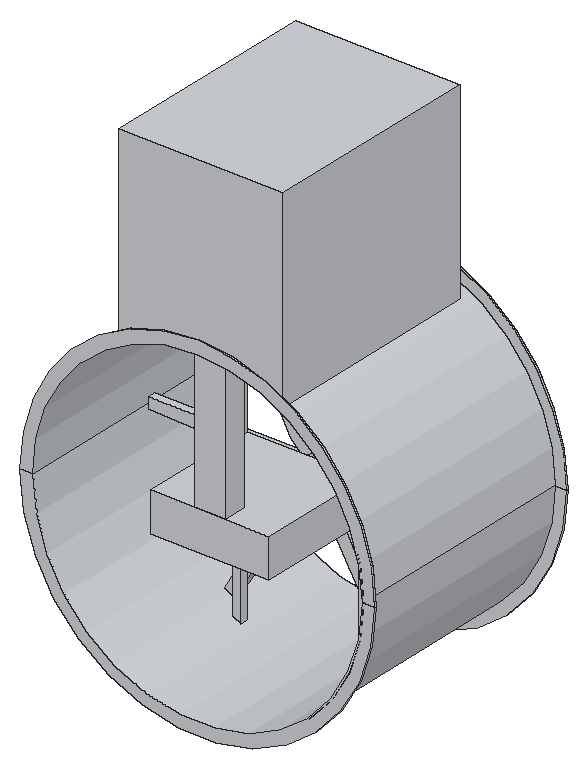
Revit family "TIB", category Mechanical Equipment, Revit 2019
Family settings
  Round Connector Dimension = Use Radius
  Part Type = Normal
  Work Plane-Based = No
  Always vertical = Yes
  Cut with Voids When Loaded = No
  Shared = No
  Room Calculation Point = No
Parameters (values of type "42_TIB")
  Unit Weight [instance] = ""
  Sones [instance] = ""
  Motor RPM [instance] = ""
  Motor Enclosure [instance] = ""
  ModelID [instance] = ""
  LwA [instance] = ""
  J/2 = J / 2  # 0' - 4 7/8"
  J = 0' - 9 3/4"
  H = 1' - 4 5/16"
  G = 0' - 5 1/4"
  Fan RPM [instance] = ""
  F/2 = F / 2  # 0' - 10 9/16"
  F = 1' - 9 1/8"
  E = 2' - 5"
  D = 1' - 10 1/8"
  B/6 = B / 6  # 0' - 7 5/8"
  B/3 = B / 3  # 1' - 3 1/4"
  C/2 = C / 2  # 0' - 0 13/16"
  C = 0' - 1 5/8"
  B/2 = B / 2  # 1' - 10 7/8"
  B = 3' - 9 3/4"
  Accessories [instance] = ""
  A/2 = A / 2  # 1' - 3 1/2"
  A = 2' - 7"
  60 = 30.00°  # constant formula
  3" = 0' - 3"  # constant formula
  Brake Hp [instance] = ""
  4" = 0' - 4"  # constant formula
  2' = 2' - 0"
  2" = 0' - 2"  # constant formula
  160 = 165.00°  # constant formula
  103 = 103.00°  # constant formula
  1" = 0' - 1"  # constant formula
  0 = 0' - 0"  # constant formula
  Voltage [instance] = 0 V
  URL = "www.lorencook.com"
  Type Comments = "Tube Axial Drum Fan Triton Steel Propeller Belt Drive"  # constant formula
  Static Pressure [instance] = 0.00 in-wg
  Power [instance] = Voltage * Motor FLA * sqrt(if(Phase = 3, 3, 1))  # 0 VA
  Phase [instance] = 0
  Number of Poles [instance] = 1
  Motor Hp [instance] = "0"
  Motor FLA [instance] = 0 A
  Model = "TIB"  # constant formula
  Manufacturer = "Loren Cook Company"
  CFM [instance] = 0 CFM
  1.5 = 0' - 1 1/2"  # constant formula
  ONE EIGTH = 0' - 0 1/8"  # constant formula
  -G = -G  # -0' - 5 1/4"
  -E = -E  # -2' - 5"
  -A/2 = -A / 2 - 0' 2"  # -1' - 5 1/2"
  (B/2)-C+.125" = (B / 2) - C + 0' 0 1/8"  # 1' - 9 3/8"
  (B-C)-1" = (B / 2 - C / 2) - 0' 1"  # 1' - 9 1/16"
Types (10): name | F/2 | F | E | D | B/6 | B/3 | C/2 | C | B/2 | B | A/2 | A | -E | -A/2 | (B/2)-C+.125" | (B-C)-1"
  (no name) | 0' - 10 9/16" | 1' - 9 1/8" | 2' - 5" | 1' - 10 1/8" | 0' - 7 5/8" | 1' - 3 1/4" | 0' - 0 13/16" | 0' - 1 5/8" | 1' - 10 7/8" | 3' - 9 3/4" | 1' - 3 1/2" | 2' - 7" | -2' - 5" | -1' - 5 1/2" | 1' - 9 3/8" | 1' - 9 1/16"
  24_TIB | 0' - 8 1/16" | 1' - 4 1/8" | 1' - 8" | 1' - 5 1/8" | 0' - 4.58333" | 0' - 9.16667" | 0' - 0 3/4" | 0' - 1 1/2" | 1' - 1 3/4" | 2' - 3 1/2" | 0' - 10 1/2" | 1' - 9" | -1' - 8" | -1' - 0 1/2" | 1' - 0 3/8" | 1' - 0"
  20_TIB | 0' - 8 1/16" | 1' - 4 1/8" | 1' - 8" | 1' - 5 1/8" | 0' - 3.91667" | 0' - 7.83333" | 0' - 0 3/4" | 0' - 1 1/2" | 0' - 11 3/4" | 1' - 11 1/2" | 0' - 10" | 1' - 8" | -1' - 8" | -1' - 0" | 0' - 10 3/8" | 0' - 10"
  30_TIB | 0' - 9 1/16" | 1' - 6 1/8" | 1' - 10" | 1' - 10 1/8" | 0' - 5.58333" | 0' - 11.16667" | 0' - 0 3/4" | 0' - 1 1/2" | 1' - 4 3/4" | 2' - 9 1/2" | 1' - 0 1/2" | 2' - 1" | -1' - 10" | -1' - 2 1/2" | 1' - 3 3/8" | 1' - 3"
  36_TIB | 0' - 10 9/16" | 1' - 9 1/8" | 2' - 1" | 1' - 10 1/8" | 0' - 6.58333" | 1' - 1.16667" | 0' - 0 3/4" | 0' - 1 1/2" | 1' - 7 3/4" | 3' - 3 1/2" | 1' - 3" | 2' - 6" | -2' - 1" | -1' - 5" | 1' - 6 3/8" | 1' - 6"
  42_TIB | 0' - 10 9/16" | 1' - 9 1/8" | 2' - 5" | 1' - 10 1/8" | 0' - 7 5/8" | 1' - 3 1/4" | 0' - 0 13/16" | 0' - 1 5/8" | 1' - 10 7/8" | 3' - 9 3/4" | 1' - 3 1/2" | 2' - 7" | -2' - 5" | -1' - 5 1/2" | 1' - 9 3/8" | 1' - 9 1/16"
  48_TIB | 0' - 10 9/16" | 1' - 9 1/8" | 2' - 7" | 1' - 10 1/8" | 0' - 8.79167" | 1' - 5.58333" | 0' - 1 1/16" | 0' - 2 1/8" | 2' - 2 3/8" | 4' - 4 3/4" | 1' - 4 1/2" | 2' - 9" | -2' - 7" | -1' - 6 1/2" | 2' - 0 3/8" | 2' - 0 5/16"
  54_TIB | 1' - 0 1/16" | 2' - 0 1/8" | 2' - 11" | 2' - 3" | 0' - 9.79167" | 1' - 7.58333" | 0' - 1 1/16" | 0' - 2 1/8" | 2' - 5 3/8" | 4' - 10 3/4" | 1' - 7" | 3' - 2" | -2' - 11" | -1' - 9" | 2' - 3 3/8" | 2' - 3 5/16"
  60_TIB | 1' - 0 1/16" | 2' - 0 1/8" | 2' - 11" | 2' - 3" | 0' - 10.79167" | 1' - 9.58333" | 0' - 1 1/16" | 0' - 2 1/8" | 2' - 8 3/8" | 5' - 4 3/4" | 1' - 8 1/2" | 3' - 5" | -2' - 11" | -1' - 10 1/2" | 2' - 6 3/8" | 2' - 6 5/16"
  72_TIB | 1' - 0 1/16" | 2' - 0 1/8" | 2' - 11" | 2' - 3" | 1' - 0.79167" | 2' - 1.58333" | 0' - 1 1/16" | 0' - 2 1/8" | 3' - 2 3/8" | 6' - 4 3/4" | 2' - 0" | 4' - 0" | -2' - 11" | -2' - 2" | 3' - 0 3/8" | 3' - 0 5/16"
Reference planes (in)
  plane 1 "Center (Front/Back)": y = 0
  plane 2: z = 0
  plane 3 "Center (Left/Right)": x = 0.40541
Forms (in)
  Revolve 1, solid
    sketch origin (0, 0, 0) x (1, 0, 0) y (0, 1, 0)
      loop
        line (23.28041, 15.5) -> (21.65541, 15.5) -> (21.65541, -15.5) -> (23.28041, -15.5) -> (23.28041, -15.375) -> (21.78041, -15.375) -> (21.78041, 15.375) -> (23.28041, 15.375) -> (23.28041, 15.5)
      axis (0.40541, -15.5) -> (0.40541, 15.5)
    angle from 0 to 360
  Extrusion 2, solid
    sketch origin (0.40541, -15.5, 0) x (0, 0, -1) y (1, 0, 0)
      loop
        arc (-18.5829, -10.5625) -> (-21.375, 0) -> (-18.5829, 10.5625) r 21.375
        line (-18.5829, 10.5625) -> (-43.375, 10.5625) -> (-43.375, -10.5625) -> (-18.5829, -10.5625)
    from -0.5 to -29 <- "-E"
  Extrusion 3, solid
    sketch origin (0.40541, -15.5, 0) x (0, 0, -1) y (1, 0, 0)
      loop
        line (-2, -7.625) -> (3, -7.625) -> (3, 7.625) -> (-2, 7.625) -> (-2, -7.625)
    from -2 to -17.5 <- "-A/2"
  Extrusion 4, solid
    sketch origin (0.40541, -15.5, 0) x (0, 0, -1) y (1, 0, 0)
      loop
        line (-2, -2) -> (-2, 2) -> (-21.25, 2) -> (-21.25, -2) -> (-2, -2)
    from -2.125 to -5
  Extrusion 5, solid
    sketch origin (0.40541, 2, 0) x (0, 0, 1) y (1, 0, 0)
      loop
        arc (-19.55761, 8.625) -> (-19.76949, 8.1276) -> (-19.96873, 7.625) r 21.375
        line (-19.96873, 7.625) -> (19.96873, 7.625)
        arc (19.96873, 7.625) -> (19.76949, 8.1276) -> (19.55761, 8.625) r 21.375
        line (19.55761, 8.625) -> (-19.55761, 8.625)
      loop
        line (-19.55761, -8.625) -> (19.55761, -8.625)
        arc (19.55761, -8.625) -> (19.76949, -8.1276) -> (19.96873, -7.625) r 21.375
        line (19.96873, -7.625) -> (-19.96873, -7.625)
        arc (-19.96873, -7.625) -> (-19.76949, -8.1276) -> (-19.55761, -8.625) r 21.375
    from 0 to -1
  Extrusion 6, solid
    sketch origin (0.40541, 2, 0) x (0, 0, 1) y (1, 0, 0)
      loop
        line (1.73205, 0) -> (0.86603, 1.5) -> (-0.86603, 1.5) -> (-1.73205, 0) -> (-0.86603, -1.5) -> (0.86603, -1.5) -> (1.73205, 0)
    from 1 to 2
  Extrusion 7, solid
    sketch origin (0.40541, 2, 0) x (0, 0, 1) y (1, 0, 0)
      loop
        line (0.86603, -1.5) -> (-0.63397, -1.5) -> (-1.1221, -3.57524) -> (-0.58361, -21.0625) -> (0.86603, -21.0625) -> (0.86603, -1.5)
    from 1 to 2
  Extrusion 8, solid
    sketch origin (0.40541, 2, 0) x (0.866025, 0, 0.5) y (0.5, 0, -0.866025)
      loop
        line (0.86603, -1.5) -> (-0.63397, -1.5) -> (-1.1221, -3.57524) -> (-0.58361, -21.0625) -> (0.86603, -21.0625) -> (0.86603, -1.5)
    from 1 to 2
  Extrusion 9, solid
    sketch origin (0.40541, 2, 0) x (0.866025, 0, -0.5) y (-0.5, 0, -0.866025)
      loop
        line (0.86603, -1.5) -> (-0.63397, -1.5) -> (-1.1221, -2.98033) -> (-2.14872, -21.0625) -> (0.86603, -21.0625) -> (0.86603, -1.5)
    from 1 to 2
  Extrusion 10, solid
    sketch origin (0.40541, 2, 0) x (0, 0, -1) y (-1, 0, 0)
      loop
        line (0.86603, -1.5) -> (-0.63397, -1.5) -> (-1.1221, -3.57524) -> (-0.58361, -21.0625) -> (0.86603, -21.0625) -> (0.86603, -1.5)
    from 1 to 2
  Extrusion 11, solid
    sketch origin (0.40541, 2, 0) x (-0.866025, 0, -0.5) y (-0.5, 0, 0.866025)
      loop
        line (0.86603, -1.5) -> (-0.63397, -1.5) -> (-1.1221, -3.57524) -> (-0.58361, -21.0625) -> (0.86603, -21.0625) -> (0.86603, -1.5)
    from 1 to 2
  Extrusion 12, solid
    sketch origin (0.40541, 2, 0) x (-0.866025, 0, 0.5) y (0.5, 0, 0.866025)
      loop
        line (0.86603, -1.5) -> (-0.63397, -1.5) -> (-1.1221, -3.57524) -> (-0.58361, -21.0625) -> (0.86603, -21.0625) -> (0.86603, -1.5)
    from 1 to 2
Lines and regions (in)
  symbolic lines
    curve 1: line (0.40541, 2, 0) -> (7.76663, 2, 4.25)
    curve 2: line (0.40541, 2, 0) -> (-6.7393, 2, 4.125)
    curve 3: line (-6.54054, 2, -4.01025) -> (0.40541, 2, 0)
    curve 4: line (0.40541, 2, 0) -> (6.6841, 2, -3.625)
Dimensions and locks (in)
  "A/2": Revolve 1 sketch curve to plane 1 "Center (Front/Back)"  (x2)
  "B/2": plane 3 "Center (Left/Right)" to Revolve 1 sketch curve
  "C": Revolve 1 sketch curve to Revolve 1 sketch curve  (x2)
  "ONE EIGTH": Revolve 1 sketch curve to Revolve 1 sketch curve  (x3)
  "0": Revolve 1 sketch curve to plane 3 "Center (Left/Right)"
  "F/2": plane 3 "Center (Left/Right)" to Extrusion 2 sketch curve
  "F/2": Extrusion 2 sketch curve to plane 3 "Center (Left/Right)"
  "2"": Extrusion 3 sketch curve to level
  "3"": level to Extrusion 3 sketch curve
  "B/6": plane 3 "Center (Left/Right)" to Extrusion 3 sketch curve
  "B/6": Extrusion 3 sketch curve to plane 3 "Center (Left/Right)"
  "0": Extrusion 4 sketch curve to Revolve 1
  "0": Extrusion 4 sketch curve to Extrusion 3
  "2"": Extrusion 4 sketch curve to plane 3 "Center (Left/Right)"
  "2"": plane 3 "Center (Left/Right)" to Extrusion 4 sketch curve
  "1"": Extrusion 5 sketch curve to Extrusion 5 sketch curve  (x2)
  "0": Extrusion 5 sketch curve to Extrusion 3
  "0": Extrusion 3 to Extrusion 5 sketch curve
  "0": level to Extrusion 5 sketch curve
  "0": Extrusion 5 sketch curve to plane 3 "Center (Left/Right)"  (x3)
  "0": Extrusion 5 sketch curve to level  (x2)
  "(B-C)-1"": plane 3 "Center (Left/Right)" to Extrusion 7 sketch curve
  "0": Extrusion 7 sketch curve to Extrusion 6  (x2)
  "(B-C)-1"": Extrusion 10 sketch curve to plane 3 "Center (Left/Right)"
  "0": Extrusion 6 to Extrusion 10 sketch curve  (x2)
  "0": level to curve 4
  "0": plane 3 "Center (Left/Right)" to curve 4
  "(B-C)-1"": curve 2 to Extrusion 9 sketch curve
  "(B-C)-1"": Extrusion 8 sketch curve to curve 3
  "(B-C)-1"": Extrusion 11 sketch curve to curve 3
  "(B-C)-1"": Extrusion 12 sketch curve to curve 4
  "0": Extrusion 12 sketch curve to Extrusion 6  (x2)
  "1.5": Extrusion 12 sketch curve to Extrusion 12 sketch curve
  "1.5": Extrusion 7 sketch curve to Extrusion 7 sketch curve
  "1.5": Extrusion 10 sketch curve to Extrusion 10 sketch curve
  "0": Extrusion 11 sketch curve to Extrusion 6
  "1.5": Extrusion 11 sketch curve to Extrusion 11 sketch curve
  "0": Extrusion 9 sketch curve to Extrusion 6  (x2)
  "1.5": Extrusion 9 sketch curve to Extrusion 9 sketch curve
  "0": Extrusion 8 sketch curve to Extrusion 6  (x2)
  "1.5": Extrusion 8 sketch curve to Extrusion 8 sketch curve
  "0": Extrusion 2 sketch curve to level
  "0": Extrusion 2 sketch curve to plane 3 "Center (Left/Right)"
  "D": Extrusion 2 sketch curve to Revolve 1
  "(B/2)-C+.125"": radius of Extrusion 2 sketch curve
  "(B/2)-C+.125"": radius of Extrusion 5 sketch curve  (x4)
  "160": angle Extrusion 7 sketch curve to Extrusion 7 sketch curve
  "160": angle Extrusion 8 sketch curve to Extrusion 8 sketch curve
  "160": angle Extrusion 9 sketch curve to Extrusion 9 sketch curve
  "160": angle Extrusion 10 sketch curve to Extrusion 10 sketch curve
  "160": angle Extrusion 11 sketch curve to Extrusion 11 sketch curve
  "160": angle Extrusion 12 sketch curve to Extrusion 12 sketch curve
  "60": angle curve 1 to level
  "60": angle level to curve 2
  "60": angle curve 3 to level
  "60": angle level to curve 4
Automatic sketch dimensions
  Revolve 1 sketch curve to plane 1 "Center (Front/Back)" = 0' - 0"
  Revolve 1 sketch curve to Revolve 1 sketch curve = 0' - 4 1/2"
  Extrusion 5 sketch curve to Extrusion 5 sketch curve = 0' - 0"  (x2)
  Extrusion 7 sketch curve to Extrusion 7 sketch curve = 0' - 0.48813"
  Extrusion 7 sketch curve to Extrusion 7 sketch curve = 0' - 0.5385"
  Extrusion 8 sketch curve to Extrusion 8 sketch curve = 0' - 0.48813"
  Extrusion 8 sketch curve to Extrusion 8 sketch curve = 0' - 0.5385"
  Extrusion 9 sketch curve to Extrusion 9 sketch curve = 0' - 0.48813"
  Extrusion 10 sketch curve to Extrusion 10 sketch curve = 0' - 0.48813"
  Extrusion 10 sketch curve to Extrusion 10 sketch curve = 0' - 0.5385"
  Extrusion 11 sketch curve to Extrusion 11 sketch curve = 0' - 0.48813"
  Extrusion 11 sketch curve to Extrusion 11 sketch curve = 0' - 0.5385"
  Extrusion 12 sketch curve to Extrusion 12 sketch curve = 0' - 0.48813"
  Extrusion 12 sketch curve to Extrusion 12 sketch curve = 0' - 0.5385"
  plane 3 "Center (Left/Right)" to Extrusion 9 sketch curve = 0' - 0.5184"
  Extrusion 11 sketch curve to plane 3 "Center (Left/Right)" = 0' - 0"
Connectors (in)
  hvac at (0.40541, -15.5, 0), driven by "(B/2)-C+.125""
    settings: on Revolve 1, index 1, duct flow 0 CFM, flow factor 0, pres drop 0.00 in-wg, loss coef 0, conn angle 0.00°, conn width 12", conn height 12", conn diameter 42 3/4", duct sys type 29, conn prof type 0, flow config 0, flow direction 1, loss method 0, conn ref index -1, conn util no, is conn primary yes, conn desc ""
  hvac at (0.40541, 15.5, 0), driven by "(B/2)-C+.125""
    settings: on Revolve 1, index 2, duct flow 0 CFM, flow factor 0, pres drop 0.00 in-wg, loss coef 0, conn angle 0.00°, conn width 12", conn height 12", conn diameter 42 3/4", duct sys type 29, conn prof type 0, flow config 0, flow direction 2, loss method 0, conn ref index -1, conn util no, is conn primary no, conn desc ""
  electrical at (0.40541, 13.5, 30.97895)
    settings: on Extrusion 2, index 3, voltage 0 V, apparent load 0 VA, apparent load phase1 0 VA, apparent load phase2 0 VA, apparent load phase3 0 VA, power factor 1, load classification "Other", number of poles 1, system type 30, power factor state 1, is connector primary yes, connector utility no, sub classification motor no, connector description ""
